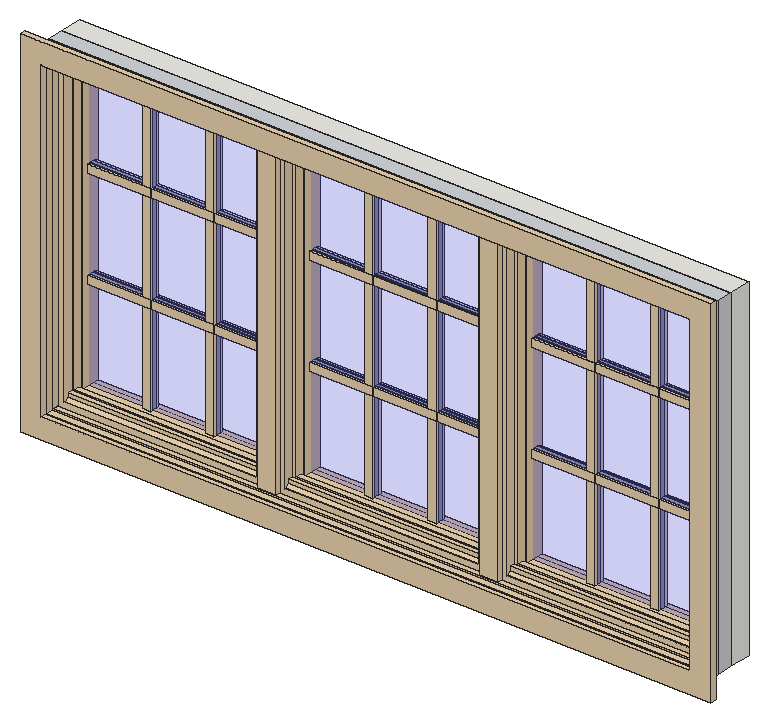
Revit family "1 Window-Casement-Andersen-400_Series_Triple", category Windows, host Wall, Revit 2014 (continued)
Lines and regions (in)
  symbolic lines, style "WindowsFrameMullionProjection", not visible
    curve 258: line (0, -0.4375, 80.345) -> (0, -1.4375, 80.345)
  symbolic lines, style "WindowsGlassProjection", not visible
    curve 202: line (0, 1.2845, 48.5) -> (0, 1.2845, 48.011)
    curve 212: line (0, 1.9105, 48.4938) -> (0, 1.9105, 48.011)
    curve 237: line (0, 1.2845, 79.875) -> (0, 1.2845, 80.364)
    curve 247: line (0, 1.9105, 79.8812) -> (0, 1.9105, 80.364)
  symbolic lines, style "WindowsFrameMullionProjection", not visible, detail levels medium
    curve 379: line (-32.57902, 15.063, 46.81311) -> (-31.87502, 15.063, 46.81311)
    curve 380: line (-31.87502, 15.063, 46.81311) -> (-31.87502, 12.751, 46.81311)
    curve 381: line (-31.87502, 12.751, 46.81311) -> (-30.36102, 12.751, 46.81311)
    curve 382: line (-30.36102, 12.751, 46.81311) -> (-30.36102, 10.751, 46.81311)
    curve 383: line (-30.36102, 10.751, 46.81311) -> (-31.25202, 10.751, 46.81311)
    curve 384: line (-31.25202, 10.751, 46.81311) -> (-31.25202, 10.233, 46.81311)
    curve 385: line (-31.25202, 10.233, 46.81311) -> (-33.20202, 10.233, 46.81311)
    curve 386: line (-33.20202, 10.233, 46.81311) -> (-33.20202, 10.751, 46.81311)
    curve 387: line (-33.20202, 10.751, 46.81311) -> (-34.09302, 10.751, 46.81311)
    curve 388: line (-34.09302, 10.751, 46.81311) -> (-34.09302, 12.751, 46.81311)
    curve 389: line (-34.09302, 12.751, 46.81311) -> (-32.57902, 12.751, 46.81311)
    curve 390: line (-32.57902, 12.751, 46.81311) -> (-32.57902, 15.063, 46.81311)
Text (in)
  text "EXTERIOR" at (-58.6888, 50.90694, 0), in view "Ref. Level"
  text "INTERIOR" at (-58.6888, -37.76638, 0), in view "Ref. Level"
  text "Exterior" at (0, 43.65631, 123.19604), in view "Left"
  text "Exterior" at (0, 18.29385, 125.04747), in view "Right"
Dimensions and locks (in)
  equal spacing: plane 4 "R Frame", plane 3 "Center (Left/Right)", plane 5 "L Frame"
  "Width": plane 4 "R Frame" to plane 5 "L Frame"
  "Height": plane 6 "B Frame" to plane 7 "T Frame"
  locked: plane 46 "Frame S1" to plane 47 "Flange" at 1.312
  locked: plane 47 "Flange" to plane 48 "Sash1 S2" at 1
  locked: plane 47 "Flange" to plane 49 "Frame S2" at 2.848
  "casingS2": plane 45 "Casing S2" to plane 46 "Frame S1"
  "casingS1": plane 44 "Casing S1" to plane 46 "Frame S1"
  "Xjamb 2": plane 32 "T Xjamb 2" to plane 7 "T Frame"
  "casing1": plane 31 "T Casing 1" to plane 7 "T Frame"
  "Xjamb 1": plane 30 "T Xjamb 1" to plane 7 "T Frame"
  plane 29 "T Ext Frame" to plane 7 "T Frame" = 0' - 0.56311"
  "Rough Opening Offset": plane 7 "T Frame" to plane 33 "T Rough Opening"
  "casing4": plane 7 "T Frame" to plane 36 "T Casing 4"
  "Xjamb 2": plane 6 "B Frame" to plane 39 "B Xjamb 2"
  locked: plane 6 "B Frame" to plane 40 "B Casing 1" at 0.25
  locked: plane 6 "B Frame" to plane 50 "B Xjamb 1" at 0.985
  locked: plane 6 "B Frame" to plane 38 "B Ext Frame" at 0.56311
  "sill nose 2": plane 41 "B Casing 2" to plane 6 "B Frame"
  "casing4": plane 5 "L Frame" to plane 17 "L Casing 4"
  "casing4": plane 27 "R Casing 4" to plane 4 "R Frame"
  "casing3": plane 35 "T Casing 3" to plane 36 "T Casing 4"
  "casing2": plane 34 "T Casing 2" to plane 36 "T Casing 4"
  "casing3": plane 27 "R Casing 4" to plane 26 "R Casing 3"
  "casing2": plane 27 "R Casing 4" to plane 25 "R Casing 2"
  "casing1": plane 4 "R Frame" to plane 22 "R Casing 1"
  "casing1": plane 12 "L Casing 1" to plane 5 "L Frame"
  "casing3": plane 16 "L Casing 3" to plane 17 "L Casing 4"
  "casing2": plane 15 "L Casing 2" to plane 17 "L Casing 4"
  locked: plane 51 "Exterior Offset" to host wall at 1
  "Void Offset 1": plane 7 "T Frame" to Extrusion 2 sketch curve
  "Void Offset 1": Extrusion 2 sketch curve to plane 4 "R Frame"
  "Void Offset 1": plane 5 "L Frame" to Extrusion 2 sketch curve
  "Void Offset 2": Extrusion 2 sketch curve to plane 6 "B Frame"
  "Interior Casing Size": plane 28 "R Int Casing" to plane 21 "R Xjamb 1"
  "Interior Casing Size": plane 11 "L Xjamb 1" to plane 43 "L Int Casing"
  "Interior Casing Size": plane 30 "T Xjamb 1" to plane 37 "T Int Casing"
  "Interior Casing Size": plane 42 "B Int Casing" to plane 50 "B Xjamb 1"
  "Xjamb 1": plane 4 "R Frame" to plane 21 "R Xjamb 1"
  locked: plane 4 "R Frame" to plane 20 "R Stop" at 2
  locked: plane 4 "R Frame" to plane 19 "R Ext Frame" at 0.486
  "JGO": plane 4 "R Frame" to plane 18 "R Glazing"
  locked: plane 10 "L Stop" to plane 5 "L Frame" at 2
  locked: plane 9 "L Ext Frame" to plane 5 "L Frame" at 0.486
  "JGO": plane 8 "L Glazing" to plane 5 "L Frame"
  "Xjamb 1": plane 11 "L Xjamb 1" to plane 5 "L Frame"
  "Wall Thickness": host wall to host wall
  locked: plane 1 "Center (Front/Back)" to curve 12 at 1
  "sill nose1": Masking region 5 sketch curve to plane 47 "Flange"
  locked: level to plane 7 "T Frame" at 82.25
  "Rough Opening Offset": plane 53 "B Rough Opening" to plane 6 "B Frame"
  "Masonry Opening Offset": plane 54 "R Masonry Opening" to plane 27 "R Casing 4"
  "Masonry Opening Offset": plane 17 "L Casing 4" to plane 55 "L Masonry Opening"
  "Masonry Opening Offset": plane 36 "T Casing 4" to plane 56 "T Masonry Opening"
  "Masonry Opening Offset": plane 57 "B Masonry Opening" to plane 41 "B Casing 2"
  "sill nose1": Extrusion 5 sketch curve to plane 47 "Flange"
  "Void Depth": plane 51 "Exterior Offset" to Extrusion 2
  "Wall Depth": host wall to plane 47 "Flange"
  "Void Depth": plane 51 "Exterior Offset" to Masking region 7 sketch curve  (x2)
  locked: plane 52 "Interior Casing" to host wall at 0.625
  locked: Extrusion 2 to host wall at 12
  "Rough Opening Offset": plane 24 "R Rough Opening" to plane 4 "R Frame"
  "Rough Opening Offset": plane 5 "L Frame" to plane 14 "L Rough Opening"
  "Xjamb 2": plane 13 "L Xjamb 2" to plane 5 "L Frame"
  "Xjamb 2": plane 4 "R Frame" to plane 23 "R Xjamb 2"
  locked: plane 4 "R Frame" to plane 59 "R Sash" at 0.58
  locked: plane 60 "L Sash" to plane 5 "L Frame" at 0.58
  locked: plane 47 "Flange" to plane 61 "Stop S1" at 3
  locked: plane 62 "T Sash" to plane 7 "T Frame" at 0.75
  locked: plane 63 "T Int Frame" to plane 7 "T Frame" at 1.11
  locked: plane 6 "B Frame" to plane 64 "B Int Frame" at 0.985
  locked: plane 65 "L Int Frame" to plane 5 "L Frame" at 1.109
  locked: plane 4 "R Frame" to plane 66 "R Int Frame" at 1.109
  locked: Extrusion 11 sketch curve to plane 20 "R Stop" at 0.188
  locked: Extrusion 11 sketch curve to plane 61 "Stop S1" at 1  (x2)
  locked: plane 10 "L Stop" to Extrusion 11 sketch curve at 0.188
  host wall to Extrusion 11 = 0' - 1 7/16"
  locked: plane 4 "R Frame" to Sweep 12 sketch curve at 1.09375
  "Step Jamb2": plane 49 "Frame S2" to Sweep 12 sketch curve
  "xjamb S1": host wall to plane 58 "Xjamb S1"
  "Head Stop Dim": plane 67 "T Stop" to plane 7 "T Frame"
  "Sill Stop Dim": plane 6 "B Frame" to plane 68 "B Stop"
  locked: cut or joined group of Extrusion 10, Extrusion 11, Sweep 12, Extrusion 13, Extrusion 15, Extrusion 17 to Extrusion 10 sketch curve at 1.515
  locked: plane 48 "Sash1 S2" to Extrusion 10 sketch curve at 0.267
  locked: plane 48 "Sash1 S2" to Extrusion 10 sketch curve at 1
  locked: Extrusion 10 sketch curve to Extrusion 10 sketch curve at 0.077
  locked: Extrusion 10 sketch curve to Extrusion 10 sketch curve at 0.56794
  locked: Extrusion 10 sketch curve to Extrusion 10 sketch curve at 0.41084
  locked: Extrusion 10 sketch curve to Extrusion 10 sketch curve at 0.28306
  locked: Extrusion 10 sketch curve to Extrusion 10 sketch curve at 0.751
  locked: plane 48 "Sash1 S2" to Extrusion 10 sketch curve at 2
  locked: Extrusion 13 sketch curve to plane 63 "T Int Frame" at 0.795
  locked: Extrusion 13 sketch curve to plane 63 "T Int Frame" at 1.15563
  locked: plane 48 "Sash1 S2" to Extrusion 13 sketch curve at 1
  locked: Masking region 5 sketch curve to plane 6 "B Frame" at 0.1875
  locked: Extrusion 5 sketch curve to plane 6 "B Frame" at 0.1875
  "Step Jamb2": plane 49 "Frame S2" to Masking region 11 sketch curve
  equal spacing: group 9, group 10, group 8
  equal spacing: group 8, group 10, group 9  (x2)
  locked: Extrusion 14 sketch curve to Extrusion 14 sketch curve at 0.704
  locked: Extrusion 14 sketch curve to Extrusion 14 sketch curve at 2.312
  locked: Extrusion 15 sketch curve to Extrusion 15 sketch curve at 1  (x4)
  locked: Extrusion 15 sketch curve to Extrusion 15 sketch curve at 0.518
  locked: Extrusion 15 sketch curve to Extrusion 15 sketch curve at 0.36  (x2)
  locked: Extrusion 15 sketch curve to Extrusion 15 sketch curve at 0.531  (x2)
  locked: Extrusion 15 sketch curve to Extrusion 15 sketch curve at 1.95
  Extrusion 15 sketch curve to Extrusion 15 sketch curve = 0' - 0.518"
  locked: Extrusion 16 sketch curve to Extrusion 16 sketch curve at 0.704
  locked: Extrusion 16 sketch curve to Extrusion 16 sketch curve at 2.312
  locked: Extrusion 17 sketch curve to Extrusion 17 sketch curve at 1  (x4)
  locked: Extrusion 17 sketch curve to Extrusion 17 sketch curve at 0.518
  locked: Extrusion 17 sketch curve to Extrusion 17 sketch curve at 0.36  (x2)
  locked: Extrusion 17 sketch curve to Extrusion 17 sketch curve at 0.531  (x2)
  locked: Extrusion 17 sketch curve to Extrusion 17 sketch curve at 1.95
  Extrusion 17 sketch curve to Extrusion 17 sketch curve = 0' - 0.518"
  plane 19 "R Ext Frame" to nested 2 to nested 3 to nested 3 to nested 1 to plane 9 "L Ext Frame" = 1' - 11.20833", 0' - 0.7015" locked, 1' - 11.20833", 0' - 0.7015" locked, 1' - 11.20833"
  "XPanelWidth": plane 70 to plane 9 "L Ext Frame"
  "XPanelWidth": plane 19 "R Ext Frame" to plane 69
  locked: plane 70 to cut or joined group of Extrusion 10, Extrusion 11, Sweep 12, Extrusion 13, Extrusion 15, Extrusion 17 at 0.623
  equal spacing: plane 38 "B Ext Frame", curve 90, plane 29 "T Ext Frame"
  equal spacing: plane 38 "B Ext Frame", curve 378, plane 29 "T Ext Frame"
  locked: plane 40 "B Casing 1" to Masking region 5 sketch curve (angle 10.00°)
  locked: plane 40 "B Casing 1" to Masking region 6 sketch curve (angle 10.00°)
  locked: plane 40 "B Casing 1" to Extrusion 5 sketch curve (angle 10.00°)
  aligned and locked: level to plane 2
  aligned and locked: plane 7 "T Frame" to Extrusion 1 sketch curve
  aligned and locked: plane 5 "L Frame" to Extrusion 1 sketch curve
  aligned and locked: Extrusion 1 sketch curve to plane 4 "R Frame"
  aligned and locked: Extrusion 1 sketch curve to plane 6 "B Frame"
  aligned and locked: host wall to Extrusion 1
  aligned and locked: plane 47 "Flange" to Extrusion 1
  aligned and locked: Masking region 1 sketch curve to plane 46 "Frame S1"
  aligned and locked: Masking region 1 sketch curve to plane 4 "R Frame"
  aligned and locked: plane 5 "L Frame" to Masking region 1 sketch curve
  aligned and locked: plane 47 "Flange" to Masking region 2 sketch curve  (x2)
  aligned and locked: plane 4 "R Frame" to Masking region 2 sketch curve
  aligned and locked: plane 46 "Frame S1" to Masking region 2 sketch curve
  aligned and locked: Masking region 2 sketch curve to plane 5 "L Frame"
  aligned and locked: plane 17 "L Casing 4" to Masking region 2 sketch curve
  aligned and locked: Masking region 2 sketch curve to plane 44 "Casing S1"
  aligned and locked: plane 12 "L Casing 1" to curve 3
  aligned and locked: Masking region 2 sketch curve to plane 27 "R Casing 4"
  aligned and locked: Masking region 3 sketch curve to plane 4 "R Frame"
  aligned and locked: plane 5 "L Frame" to Masking region 3 sketch curve
  aligned and locked: Masking region 3 sketch curve to plane 51 "Exterior Offset"
  aligned and locked: plane 7 "T Frame" to Masking region 4 sketch curve
  aligned and locked: Masking region 4 sketch curve to plane 6 "B Frame"
  aligned and locked: Masking region 4 sketch curve to plane 46 "Frame S1"
  aligned and locked: plane 46 "Frame S1" to Masking region 5 sketch curve
  aligned and locked: Masking region 5 sketch curve to plane 46 "Frame S1"
  aligned and locked: Masking region 5 sketch curve to plane 47 "Flange"
  aligned and locked: Masking region 5 sketch curve to plane 6 "B Frame"
  aligned and locked: plane 41 "B Casing 2" to Masking region 5 sketch curve
  aligned and locked: Masking region 6 sketch curve to plane 46 "Frame S1"
  aligned and locked: plane 44 "Casing S1" to Masking region 6 sketch curve
  aligned and locked: Masking region 6 sketch curve to plane 36 "T Casing 4"
  aligned and locked: Masking region 6 sketch curve to plane 47 "Flange"
  aligned and locked: plane 7 "T Frame" to Masking region 6 sketch curve
  aligned and locked: plane 45 "Casing S2" to curve 13
  aligned and locked: plane 31 "T Casing 1" to curve 15
  aligned and locked: plane 46 "Frame S1" to curve 15
  aligned and locked: plane 5 "L Frame" to curve 17
  aligned and locked: Masking region 3 sketch curve to host wall
  aligned and locked: plane 30 "T Xjamb 1" to Extrusion 3 sketch curve
  aligned and locked: plane 32 "T Xjamb 2" to Extrusion 3 sketch curve
  aligned and locked: Extrusion 3 sketch curve to plane 21 "R Xjamb 1"
  aligned and locked: Extrusion 3 sketch curve to plane 23 "R Xjamb 2"
  aligned and locked: plane 11 "L Xjamb 1" to Extrusion 3 sketch curve
  aligned and locked: plane 13 "L Xjamb 2" to Extrusion 3 sketch curve
  aligned and locked: Extrusion 3 sketch curve to plane 50 "B Xjamb 1"
  aligned and locked: Extrusion 3 sketch curve to plane 39 "B Xjamb 2"
  aligned and locked: plane 30 "T Xjamb 1" to Extrusion 4 sketch curve
  aligned and locked: plane 37 "T Int Casing" to Extrusion 4 sketch curve
  aligned and locked: Extrusion 4 sketch curve to plane 21 "R Xjamb 1"
  aligned and locked: Extrusion 4 sketch curve to plane 28 "R Int Casing"
  aligned and locked: plane 11 "L Xjamb 1" to Extrusion 4 sketch curve
  aligned and locked: plane 43 "L Int Casing" to Extrusion 4 sketch curve
  aligned and locked: Extrusion 4 sketch curve to plane 50 "B Xjamb 1"
  aligned and locked: Extrusion 4 sketch curve to plane 42 "B Int Casing"
  aligned and locked: Extrusion 4 to host wall
  aligned and locked: Extrusion 4 to plane 52 "Interior Casing"
  aligned and locked: plane 41 "B Casing 2" to Extrusion 5 sketch curve
  aligned and locked: plane 41 "B Casing 2" to Sweep 6 sketch curve  (x2)
  aligned and locked: plane 17 "L Casing 4" to Sweep 6 sketch curve  (x2)
  aligned and locked: Sweep 6 sketch curve to plane 27 "R Casing 4"
  aligned and locked: plane 36 "T Casing 4" to Sweep 6 sketch curve
  aligned and locked: plane 16 "L Casing 3" to Sweep 6 sketch curve
  aligned and locked: plane 45 "Casing S2" to Sweep 6 sketch curve
  aligned and locked: Sweep 6 sketch curve to plane 44 "Casing S1"
  aligned and locked: plane 47 "Flange" to Sweep 6 sketch curve
  aligned and locked: Sweep 6 sketch curve to plane 12 "L Casing 1"
  aligned and locked: Sweep 6 sketch curve to plane 45 "Casing S2"
  aligned and locked: plane 15 "L Casing 2" to Sweep 6 sketch curve
  aligned and locked: Extrusion 5 to plane 17 "L Casing 4"
  aligned and locked: plane 27 "R Casing 4" to Extrusion 5
  aligned and locked: plane 31 "T Casing 1" to Extrusion 7 sketch curve
  aligned and locked: plane 36 "T Casing 4" to Extrusion 7 sketch curve
  aligned and locked: plane 12 "L Casing 1" to Extrusion 7 sketch curve
  aligned and locked: plane 17 "L Casing 4" to Extrusion 7 sketch curve
  aligned and locked: Extrusion 7 sketch curve to plane 22 "R Casing 1"
  aligned and locked: Extrusion 7 sketch curve to plane 27 "R Casing 4"
  aligned and locked: Extrusion 7 sketch curve to plane 41 "B Casing 2"
  aligned and locked: plane 44 "Casing S1" to Extrusion 7
  aligned and locked: plane 47 "Flange" to Extrusion 7
  aligned and locked: Extrusion 5 sketch curve to plane 47 "Flange"
  aligned and locked: host wall to Masking region 7 sketch curve
  aligned and locked: plane 4 "R Frame" to Masking region 7 sketch curve
  aligned and locked: Masking region 7 sketch curve to plane 5 "L Frame"
  aligned and locked: plane 51 "Exterior Offset" to Masking region 7 sketch curve
  aligned and locked: plane 27 "R Casing 4" to Masking region 7 sketch curve
  aligned and locked: Masking region 7 sketch curve to plane 17 "L Casing 4"
  aligned and locked: plane 7 "T Frame" to Extrusion 8 sketch curve
  aligned and locked: Extrusion 8 sketch curve to plane 4 "R Frame"
  aligned and locked: Extrusion 8 sketch curve to plane 6 "B Frame"
  aligned and locked: plane 5 "L Frame" to Extrusion 8 sketch curve
  aligned and locked: plane 29 "T Ext Frame" to Extrusion 8 sketch curve
  aligned and locked: Extrusion 8 sketch curve to plane 19 "R Ext Frame"
  aligned and locked: plane 9 "L Ext Frame" to Extrusion 8 sketch curve
  aligned and locked: Extrusion 8 sketch curve to plane 38 "B Ext Frame"
  aligned and locked: plane 46 "Frame S1" to Extrusion 8
  aligned and locked: plane 49 "Frame S2" to Masking region 1 sketch curve
  aligned and locked: Masking region 1 sketch curve to plane 49 "Frame S2"
  aligned and locked: plane 61 "Stop S1" to Masking region 4 sketch curve
  aligned and locked: plane 49 "Frame S2" to Masking region 4 sketch curve
  aligned and locked: Masking region 4 sketch curve to plane 49 "Frame S2"
  aligned and locked: Extrusion 8 to plane 48 "Sash1 S2"
  aligned and locked: plane 63 "T Int Frame" to Extrusion 9 sketch curve
  aligned and locked: plane 65 "L Int Frame" to Extrusion 9 sketch curve
  aligned and locked: Extrusion 9 sketch curve to plane 66 "R Int Frame"
  aligned and locked: Extrusion 9 sketch curve to plane 64 "B Int Frame"
  aligned and locked: Extrusion 9 sketch curve to plane 6 "B Frame"
  aligned and locked: Extrusion 9 sketch curve to plane 4 "R Frame"
  aligned and locked: plane 7 "T Frame" to Extrusion 9 sketch curve
  aligned and locked: plane 5 "L Frame" to Extrusion 9 sketch curve
  aligned and locked: plane 48 "Sash1 S2" to Extrusion 9
  aligned and locked: Extrusion 9 to plane 49 "Frame S2"
  aligned and locked: plane 66 "R Int Frame" to Extrusion 10
  aligned and locked: Extrusion 10 to plane 65 "L Int Frame"
  aligned and locked: Extrusion 11 sketch curve to plane 48 "Sash1 S2"
  aligned and locked: Extrusion 11 sketch curve to plane 66 "R Int Frame"
  aligned and locked: plane 61 "Stop S1" to Extrusion 11 sketch curve
  aligned and locked: plane 20 "R Stop" to Extrusion 11 sketch curve
  aligned and locked: plane 10 "L Stop" to Extrusion 11 sketch curve
  aligned and locked: plane 48 "Sash1 S2" to Extrusion 11 sketch curve
  aligned and locked: Extrusion 11 sketch curve to plane 65 "L Int Frame"
  aligned and locked: Extrusion 11 sketch curve to plane 61 "Stop S1"
  aligned and locked: plane 64 "B Int Frame" to Extrusion 11
  aligned and locked: Extrusion 11 to plane 63 "T Int Frame"
  aligned and locked: Masking region 1 sketch curve to plane 66 "R Int Frame"
  aligned and locked: Masking region 1 sketch curve to plane 65 "L Int Frame"
  aligned and locked: plane 7 "T Frame" to Sweep 12 sketch curve
  aligned and locked: plane 5 "L Frame" to Sweep 12 sketch curve
  aligned and locked: Sweep 12 sketch curve to plane 6 "B Frame"
  aligned and locked: Sweep 12 sketch curve to plane 4 "R Frame"
  aligned and locked: Sweep 12 sketch curve to plane 49 "Frame S2"
  aligned and locked: plane 58 "Xjamb S1" to Extrusion 3
  aligned and locked: host wall to Extrusion 3
  aligned and locked: Masking region 4 sketch curve to plane 63 "T Int Frame"
  aligned and locked: Masking region 4 sketch curve to plane 64 "B Int Frame"
  aligned and locked: plane 48 "Sash1 S2" to Extrusion 10 sketch curve
  aligned and locked: plane 64 "B Int Frame" to Extrusion 10 sketch curve
  aligned and locked: plane 4 "R Frame" to curve 98
  aligned and locked: plane 5 "L Frame" to curve 98
  aligned and locked: Masking region 8 sketch curve to plane 58 "Xjamb S1"  (x2)
  aligned and locked: Masking region 8 sketch curve to Sweep 12  (x3)
  aligned and locked: Masking region 8 sketch curve to plane 63 "T Int Frame"
  aligned and locked: Masking region 8 sketch curve to plane 61 "Stop S1"
  aligned and locked: plane 64 "B Int Frame" to Masking region 8 sketch curve
  aligned and locked: Masking region 9 sketch curve to plane 32 "T Xjamb 2"
  aligned and locked: plane 58 "Xjamb S1" to Masking region 9 sketch curve  (x2)
  aligned and locked: plane 63 "T Int Frame" to Masking region 9 sketch curve
  aligned and locked: plane 61 "Stop S1" to Masking region 9 sketch curve
  aligned and locked: Masking region 9 sketch curve to plane 64 "B Int Frame"
  aligned and locked: plane 39 "B Xjamb 2" to Masking region 9 sketch curve
  aligned and locked: host wall to Masking region 9 sketch curve
  aligned and locked: host wall to Masking region 10 sketch curve
  aligned and locked: Masking region 10 sketch curve to plane 42 "B Int Casing"
  aligned and locked: plane 52 "Interior Casing" to Masking region 10 sketch curve
  aligned and locked: plane 37 "T Int Casing" to Masking region 10 sketch curve
  aligned and locked: plane 58 "Xjamb S1" to curve 102
  aligned and locked: Sweep 12 to curve 102
  aligned and locked: plane 64 "B Int Frame" to curve 102
  aligned and locked: plane 58 "Xjamb S1" to curve 103
  aligned and locked: host wall to curve 103
  aligned and locked: plane 50 "B Xjamb 1" to curve 103
  aligned and locked: plane 52 "Interior Casing" to curve 104
  aligned and locked: plane 50 "B Xjamb 1" to curve 104
  aligned and locked: plane 58 "Xjamb S1" to curve 99
  aligned and locked: Sweep 12 to curve 99
  aligned and locked: plane 63 "T Int Frame" to curve 99
  aligned and locked: plane 58 "Xjamb S1" to curve 100
  aligned and locked: host wall to curve 100
  aligned and locked: plane 30 "T Xjamb 1" to curve 100
  aligned and locked: plane 52 "Interior Casing" to curve 101
  aligned and locked: plane 30 "T Xjamb 1" to curve 101
  aligned and locked: Masking region 11 sketch curve to plane 58 "Xjamb S1"  (x2)
  aligned and locked: plane 66 "R Int Frame" to Masking region 11 sketch curve
  aligned and locked: Masking region 11 sketch curve to plane 61 "Stop S1"
  aligned and locked: Masking region 11 sketch curve to plane 65 "L Int Frame"
  aligned and locked: Masking region 11 sketch curve to Sweep 12  (x2)
  aligned and locked: Masking region 12 sketch curve to plane 58 "Xjamb S1"  (x2)
  aligned and locked: plane 66 "R Int Frame" to Masking region 12 sketch curve
  aligned and locked: Masking region 12 sketch curve to plane 61 "Stop S1"
  aligned and locked: Masking region 12 sketch curve to plane 65 "L Int Frame"
  aligned and locked: plane 13 "L Xjamb 2" to Masking region 12 sketch curve
  aligned and locked: Masking region 12 sketch curve to host wall
  aligned and locked: Masking region 12 sketch curve to plane 23 "R Xjamb 2"
  aligned and locked: host wall to Masking region 13 sketch curve
  aligned and locked: plane 43 "L Int Casing" to Masking region 13 sketch curve
  aligned and locked: plane 52 "Interior Casing" to Masking region 13 sketch curve
  aligned and locked: Masking region 13 sketch curve to plane 28 "R Int Casing"
  aligned and locked: plane 65 "L Int Frame" to curve 108
  aligned and locked: plane 11 "L Xjamb 1" to curve 109
  aligned and locked: plane 11 "L Xjamb 1" to curve 110
  aligned and locked: plane 66 "R Int Frame" to curve 105
  aligned and locked: plane 21 "R Xjamb 1" to curve 106
  aligned and locked: plane 21 "R Xjamb 1" to curve 107
  aligned and locked: plane 61 "Stop S1" to Masking region 1 sketch curve
  aligned and locked: Extrusion 13 sketch curve to plane 63 "T Int Frame"
  aligned and locked: plane 48 "Sash1 S2" to Extrusion 13 sketch curve
  aligned and locked: Extrusion 13 sketch curve to plane 61 "Stop S1"
  aligned and locked: Extrusion 13 to plane 65 "L Int Frame"
  aligned and locked: plane 66 "R Int Frame" to Extrusion 13
  aligned and locked: plane 4 "R Frame" to curve 18
  aligned and locked: plane 47 "Flange" to curve 18
  aligned and locked: plane 5 "L Frame" to curve 50
  aligned and locked: curve 50 to plane 47 "Flange"
  aligned and locked: plane 6 "B Frame" to curve 89
  aligned and locked: plane 47 "Flange" to curve 89
  aligned and locked: plane 7 "T Frame" to curve 88
  aligned and locked: plane 47 "Flange" to curve 88
  aligned and locked: plane 25 "R Casing 2" to curve 5
  aligned and locked: plane 26 "R Casing 3" to curve 4
  aligned and locked: plane 15 "L Casing 2" to curve 2
  aligned and locked: plane 16 "L Casing 3" to curve 1
  aligned and locked: plane 34 "T Casing 2" to curve 14
  aligned and locked: plane 35 "T Casing 3" to curve 13
  aligned and locked: plane 44 "Casing S1" to curve 13
  aligned and locked: Extrusion 5 sketch curve to plane 6 "B Frame"
  aligned and locked: Masking region 6 sketch curve to cut or joined group of Extrusion 5, Sweep 6
  aligned and locked: Extrusion 7 sketch curve to plane 6 "B Frame"
  aligned and locked: plane 17 "L Casing 4" to curve 188
  aligned and locked: plane 5 "L Frame" to curve 189
  aligned and locked: plane 27 "R Casing 4" to curve 186
  aligned and locked: plane 4 "R Frame" to curve 187
  aligned and locked: plane 47 "Flange" to curve 190
  aligned and locked: plane 36 "T Casing 4" to curve 190
  aligned and locked: plane 46 "Frame S1" to curve 191
  aligned and locked: plane 49 "Frame S2" to curve 191
  aligned and locked: plane 7 "T Frame" to curve 191
  aligned and locked: plane 44 "Casing S1" to curve 192
  aligned and locked: plane 47 "Flange" to curve 192
  aligned and locked: plane 41 "B Casing 2" to curve 192
  aligned and locked: plane 46 "Frame S1" to curve 193
  aligned and locked: plane 49 "Frame S2" to curve 193
  aligned and locked: plane 6 "B Frame" to curve 193
  aligned and locked: plane 19 "R Ext Frame" to curve 7
  aligned and locked: plane 19 "R Ext Frame" to curve 68
  aligned and locked: plane 9 "L Ext Frame" to curve 8
  aligned and locked: plane 9 "L Ext Frame" to curve 66
  aligned and locked: plane 38 "B Ext Frame" to nested 1
  aligned and locked: plane 9 "L Ext Frame" to nested 1
  aligned and locked: nested 1 to plane 48 "Sash1 S2"
  aligned and locked: plane 19 "R Ext Frame" to nested 2
  aligned and locked: Extrusion 14 to plane 29 "T Ext Frame"
  aligned and locked: Extrusion 15 to plane 63 "T Int Frame"
  aligned and locked: plane 64 "B Int Frame" to Extrusion 15
  aligned and locked: Extrusion 17 to Extrusion 16
  aligned and locked: Extrusion 16 to plane 29 "T Ext Frame"
  aligned and locked: Extrusion 17 to plane 63 "T Int Frame"
  aligned and locked: plane 64 "B Int Frame" to Extrusion 17
  aligned and locked: cut or joined group of Extrusion 8, Extrusion 14, Extrusion 16 to cut or joined group of Extrusion 10, Extrusion 11, Sweep 12, Extrusion 13, Extrusion 15, Extrusion 17
  aligned and locked: plane 46 "Frame S1" to Extrusion 16
  aligned and locked: plane 46 "Frame S1" to cut or joined group of Extrusion 8, Extrusion 14, Extrusion 16
  aligned and locked: plane 46 "Frame S1" to curve 374
  aligned and locked: plane 70 to curve 343
  aligned and locked: plane 70 to Extrusion 16
  aligned and locked: plane 69 to cut or joined group of Extrusion 8, Extrusion 14, Extrusion 16
  aligned and locked: plane 38 "B Ext Frame" to nested 2
  aligned and locked: plane 38 "B Ext Frame" to Extrusion 16
  aligned and locked: plane 38 "B Ext Frame" to cut or joined group of Extrusion 8, Extrusion 14, Extrusion 16
  aligned and locked: nested 2 to plane 48 "Sash1 S2"
  aligned and locked: nested 2 to cut or joined group of Extrusion 8, Extrusion 14, Extrusion 16
  aligned and locked: curve 473 to nested 2
  aligned and locked: curve 462 to plane 46 "Frame S1"
  aligned and locked: plane 61 "Stop S1" to curve 470
  aligned and locked: plane 61 "Stop S1" to curve 466
Automatic sketch dimensions
  curve 16 to curve 16 = 0' - 0 3/16"
  curve 147 to curve 149 = 0' - 0.655"
  curve 149 to curve 70 = 0' - 1.549"
  curve 71 to curve 143 = 0' - 0.107"
  curve 143 to curve 77 = 0' - 0.066"
  curve 77 to curve 86 = 0' - 0.626"
  curve 74 to curve 142 = 0' - 0.844"
  curve 87 to curve 76 = 0' - 0.371"
  curve 80 to curve 79 = 0' - 0.313"
  curve 79 to curve 78 = 0' - 0.187"
  curve 78 to curve 146 = 0' - 0.07303"
  curve 150 to curve 147 = 0' - 0.345"
  curve 72 to curve 72 = 0' - 0.345"
  curve 144 to curve 71 = 0' - 0.549"
  curve 76 to curve 83 = 0' - 0.096"
  curve 70 to curve 88 = 0' - 0.451"
  curve 84 to curve 86 = 0' - 0.096"
  curve 145 to curve 145 = 0' - 0.23897"
  curve 77 to curve 87 = 0' - 0.0062"
  curve 77 to curve 149 = 0' - 0.109"
  curve 86 to curve 85 = 0' - 0.25024"
  curve 73 to curve 149 = 0' - 0.361"
  curve 85 to curve 85 = 0' - 0.23255"
  curve 76 to curve 141 = 0' - 0.053"
  curve 76 to curve 143 = 0' - 0.4378"
  curve 150 to curve 147 = 0' - 0.545"
  curve 71 to curve 74 = 0' - 0.174"
  curve 147 to curve 72 = 0' - 0 1/4"
  curve 74 to curve 80 = 0' - 0.281"
  curve 80 to curve 79 = 0' - 0.156"
  curve 74 to curve 70 = 0' - 0.533"
  curve 70 to curve 146 = 0' - 0.08989"
  curve 82 to curve 86 = 0' - 0.0062"
  curve 77 to curve 83 = 0' - 0"
  curve 82 to curve 84 = 0' - 0.13544"
  curve 73 to curve 81 = 0' - 0.081"
  curve 144 to curve 75 = 0' - 0.217"
  curve 70 to curve 88 = 0' - 0.653"
  curve 88 to curve 88 = 0' - 1 5/8"
  curve 177 to curve 153 = 0' - 0.196"
  curve 177 to curve 179 = 0' - 0.28306"
  curve 154 to curve 185 = 0' - 0.27094"
  curve 154 to curve 180 = 0' - 0.56794"
  curve 180 to curve 181 = 0' - 0.733"
  curve 181 to curve 182 = 0' - 0.267"
  curve 156 to curve 175 = 0' - 0.549"
  curve 152 to curve 171 = 0' - 0.107"
  curve 171 to curve 158 = 0' - 0.066"
  curve 158 to curve 168 = 0' - 0.626"
  curve 155 to curve 161 = 0' - 0.844"
  curve 168 to curve 166 = 0' - 0.371"
  curve 161 to curve 160 = 0' - 0.313"
  curve 160 to curve 160 = 0' - 0.187"
  curve 159 to curve 174 = 0' - 0.07303"
  curve 178 to curve 177 = 0' - 0.149"
  curve 153 to curve 153 = 0' - 0.345"
  curve 185 to curve 179 = 0' - 0.047"
  curve 158 to curve 165 = 0' - 0.096"
  curve 151 to curve 89 = 0' - 0.451"
  curve 163 to curve 168 = 0' - 0.096"
  curve 173 to curve 173 = 0' - 0.23897"
  curve 173 to curve 151 = 0' - 0.08989"
  curve 151 to curve 160 = 0' - 0.096"
  curve 160 to curve 170 = 0' - 0.156"
  curve 151 to curve 153 = 0' - 0.457"
  curve 161 to curve 155 = 0' - 0.281"
  curve 155 to curve 175 = 0' - 0.174"
  curve 152 to curve 172 = 0' - 0.0882"
  curve 152 to curve 156 = 0' - 0.217"
  curve 175 to curve 177 = 0' - 0.437"
  curve 155 to curve 169 = 0' - 0.647"
  curve 171 to curve 157 = 0' - 0.4378"
  curve 177 to curve 185 = 0' - 0.267"
  curve 157 to curve 167 = 0' - 0.23255"
  curve 184 to curve 154 = 0' - 0.07316"
  curve 156 to curve 156 = 0' - 0.768"
  curve 166 to curve 167 = 0' - 0.25024"
  curve 157 to curve 162 = 0' - 0.489"
  curve 184 to curve 180 = 0' - 0.484"
  curve 156 to curve 181 = 0' - 0.28"
  curve 89 to curve 151 = 0' - 2.153"
  curve 89 to curve 151 = 0' - 0.528"
  curve 165 to curve 158 = 0' - 0.13544"
  curve 162 to curve 156 = 0' - 0.095"
  curve 183 to curve 179 = 0' - 0.296"
  curve 167 to curve 163 = 0' - 0.0062"
  curve 158 to curve 164 = 0' - 0"
  curve 111 to curve 111 = 0' - 0.05924"
  curve 111 to curve 24 = 0' - 0.094"
  curve 111 to curve 23 = 0' - 0.1128"
  curve 23 to curve 21 = 0' - 0.02383"
  curve 21 to curve 21 = 0' - 0.12559"
  curve 23 to curve 115 = 0' - 0.30812"
  curve 21 to curve 118 = 0' - 0.30153"
  curve 22 to curve 113 = 0' - 0.25884"
  curve 22 to curve 25 = 0' - 0.6057"
  curve 113 to curve 27 = 0' - 0.4"
  curve 19 to curve 92 = 0' - 0.531"
  curve 92 to curve 92 = 0' - 0.36"
  curve 26 to curve 26 = 0' - 0 5/8"
  curve 27 to curve 27 = 0' - 0 5/8"
  curve 18 to curve 111 = 0' - 2.04524"
  curve 18 to curve 111 = 0' - 0.54524"
  curve 117 to curve 113 = 0' - 0.291"
  curve 40 to curve 41 = 0' - 0.35617"
  curve 46 to curve 26 = 0' - 0.12475"
  curve 45 to curve 27 = 0' - 0"
  curve 44 to curve 26 = 0' - 0"
  curve 20 to curve 117 = 0' - 1.0675"
  curve 117 to curve 118 = 0' - 0.527"
  curve 20 to curve 28 = 0' - 0.722"
  curve 19 to curve 113 = 0' - 0.291"
  curve 27 to curve 26 = 0' - 0.626"
  curve 22 to curve 112 = 0' - 0.557"
  curve 21 to curve 115 = 0' - 0 1/8"
  curve 26 to curve 138 = 0' - 0.402"
  curve 23 to curve 111 = 0' - 0.275"
  curve 111 to curve 23 = 0' - 0.038"
  curve 40 to curve 138 = 0' - 0 1/4"
  curve 93 to curve 92 = 0' - 0.9325"
  curve 19 to curve 93 = 0' - 0"
  curve 27 to curve 45 = 0' - 0.096"
  curve 18 to curve 111 = 0' - 0 3/8"
  curve 44 to curve 26 = 0' - 0.096"
  curve 24 to curve 135 = 0' - 0.312"
  curve 119 to curve 119 = 0' - 0.05924"
  curve 119 to curve 35 = 0' - 0.094"
  curve 119 to curve 34 = 0' - 0.1128"
  curve 34 to curve 32 = 0' - 0.02383"
  curve 32 to curve 32 = 0' - 0.12559"
  curve 34 to curve 123 = 0' - 0.30812"
  curve 32 to curve 126 = 0' - 0.30153"
  curve 33 to curve 121 = 0' - 0.25884"
  curve 33 to curve 36 = 0' - 0.6057"
  curve 121 to curve 38 = 0' - 0.4"
  curve 30 to curve 94 = 0' - 0.531"
  curve 94 to curve 94 = 0' - 0.36"
  curve 37 to curve 37 = 0' - 0 5/8"
  curve 38 to curve 38 = 0' - 0 5/8"
  curve 29 to curve 119 = 0' - 2.04524"
  curve 29 to curve 119 = 0' - 0.54524"
  curve 125 to curve 121 = 0' - 0.291"
  curve 42 to curve 43 = 0' - 0.35617"
  curve 49 to curve 37 = 0' - 0.12475"
  curve 48 to curve 38 = 0' - 0"
  curve 47 to curve 37 = 0' - 0"
  curve 31 to curve 125 = 0' - 1.0675"
  curve 125 to curve 126 = 0' - 0.527"
  curve 31 to curve 39 = 0' - 0.722"
  curve 30 to curve 121 = 0' - 0.291"
  curve 38 to curve 37 = 0' - 0.626"
  curve 33 to curve 120 = 0' - 0.557"
  curve 32 to curve 123 = 0' - 0 1/8"
  curve 37 to curve 139 = 0' - 0.402"
  curve 34 to curve 119 = 0' - 0.275"
  curve 119 to curve 34 = 0' - 0.038"
  curve 42 to curve 139 = 0' - 0 1/4"
  curve 95 to curve 94 = 0' - 0.9325"
  curve 30 to curve 95 = 0' - 0"
  curve 38 to curve 48 = 0' - 0.096"
  curve 29 to curve 119 = 0' - 0 3/8"
  curve 47 to curve 37 = 0' - 0.096"
  curve 35 to curve 136 = 0' - 0.312"
  curve 127 to curve 127 = 0' - 0.05924"
  curve 127 to curve 56 = 0' - 0.094"
  curve 127 to curve 55 = 0' - 0.1128"
  curve 55 to curve 53 = 0' - 0.02383"
  curve 53 to curve 53 = 0' - 0.12559"
  curve 55 to curve 131 = 0' - 0.30812"
  curve 53 to curve 134 = 0' - 0.30153"
  curve 54 to curve 129 = 0' - 0.25884"
  curve 54 to curve 57 = 0' - 0.6057"
  curve 129 to curve 59 = 0' - 0.4"
  curve 51 to curve 96 = 0' - 0.531"
  curve 96 to curve 96 = 0' - 0.36"
  curve 58 to curve 58 = 0' - 0 5/8"
  curve 59 to curve 59 = 0' - 0 5/8"
  curve 50 to curve 127 = 0' - 2.04524"
  curve 50 to curve 127 = 0' - 0.54524"
  curve 133 to curve 129 = 0' - 0.291"
  curve 61 to curve 62 = 0' - 0.35617"
  curve 65 to curve 58 = 0' - 0.12475"
  curve 64 to curve 59 = 0' - 0"
  curve 63 to curve 58 = 0' - 0"
  curve 133 to curve 52 = 0' - 1.0675"
  curve 134 to curve 133 = 0' - 0.527"
  curve 60 to curve 52 = 0' - 0.722"
  curve 129 to curve 51 = 0' - 0.291"
  curve 58 to curve 59 = 0' - 0.626"
  curve 128 to curve 54 = 0' - 0.557"
  curve 131 to curve 53 = 0' - 0 1/8"
  curve 140 to curve 58 = 0' - 0.402"
  curve 127 to curve 55 = 0' - 0.275"
  curve 55 to curve 127 = 0' - 0.038"
  curve 140 to curve 61 = 0' - 0 1/4"
  curve 96 to curve 97 = 0' - 0.9325"
  curve 51 to curve 97 = 0' - 0"
  curve 64 to curve 59 = 0' - 0.096"
  curve 127 to curve 50 = 0' - 0 3/8"
  curve 58 to curve 63 = 0' - 0.096"
  curve 137 to curve 56 = 0' - 0.312"
  curve 221 to curve 197 = 0' - 0.196"
  curve 221 to curve 223 = 0' - 0.28306"
  curve 198 to curve 229 = 0' - 0.27094"
  curve 198 to curve 224 = 0' - 0.56794"
  curve 224 to curve 225 = 0' - 0.733"
  curve 225 to curve 226 = 0' - 0.267"
  curve 200 to curve 219 = 0' - 0.549"
  curve 196 to curve 215 = 0' - 0.107"
  curve 215 to curve 202 = 0' - 0.066"
  curve 202 to curve 212 = 0' - 0.626"
  curve 199 to curve 205 = 0' - 0.844"
  curve 212 to curve 210 = 0' - 0.371"
  curve 205 to curve 204 = 0' - 0.313"
  curve 204 to curve 204 = 0' - 0.187"
  curve 203 to curve 218 = 0' - 0.07303"
  curve 222 to curve 221 = 0' - 0.149"
  curve 197 to curve 197 = 0' - 0.345"
  curve 229 to curve 223 = 0' - 0.047"
  curve 202 to curve 209 = 0' - 0.096"
  curve 195 to curve 194 = 0' - 0.451"
  curve 207 to curve 212 = 0' - 0.096"
  curve 217 to curve 217 = 0' - 0.23897"
  curve 217 to curve 195 = 0' - 0.08989"
  curve 195 to curve 204 = 0' - 0.096"
  curve 204 to curve 214 = 0' - 0.156"
  curve 195 to curve 197 = 0' - 0.457"
  curve 205 to curve 199 = 0' - 0.281"
  curve 199 to curve 219 = 0' - 0.174"
  curve 196 to curve 216 = 0' - 0.0882"
  curve 196 to curve 200 = 0' - 0.217"
  curve 219 to curve 221 = 0' - 0.437"
  curve 199 to curve 213 = 0' - 0.647"
  curve 215 to curve 201 = 0' - 0.4378"
  curve 221 to curve 229 = 0' - 0.267"
  curve 201 to curve 211 = 0' - 0.23255"
  curve 228 to curve 198 = 0' - 0.07316"
  curve 200 to curve 200 = 0' - 0.768"
  curve 210 to curve 211 = 0' - 0.25024"
  curve 201 to curve 206 = 0' - 0.489"
  curve 228 to curve 224 = 0' - 0.484"
  curve 200 to curve 225 = 0' - 0.28"
  curve 194 to curve 195 = 0' - 2.153"
  curve 194 to curve 195 = 0' - 0.528"
  curve 209 to curve 202 = 0' - 0.13544"
  curve 206 to curve 200 = 0' - 0.095"
  curve 227 to curve 223 = 0' - 0.296"
  curve 211 to curve 207 = 0' - 0.0062"
  curve 202 to curve 208 = 0' - 0"
  curve 255 to curve 257 = 0' - 0.655"
  curve 257 to curve 230 = 0' - 1.549"
  curve 231 to curve 251 = 0' - 0.107"
  curve 251 to curve 237 = 0' - 0.066"
  curve 237 to curve 246 = 0' - 0.626"
  curve 234 to curve 250 = 0' - 0.844"
  curve 247 to curve 236 = 0' - 0.371"
  curve 240 to curve 239 = 0' - 0.313"
  curve 239 to curve 238 = 0' - 0.187"
  curve 238 to curve 254 = 0' - 0.07303"
  curve 258 to curve 255 = 0' - 0.345"
  curve 232 to curve 232 = 0' - 0.345"
  curve 252 to curve 231 = 0' - 0.549"
  curve 236 to curve 243 = 0' - 0.096"
  curve 230 to curve 248 = 0' - 0.451"
  curve 244 to curve 246 = 0' - 0.096"
  curve 253 to curve 253 = 0' - 0.23897"
  curve 237 to curve 247 = 0' - 0.0062"
  curve 237 to curve 257 = 0' - 0.109"
  curve 246 to curve 245 = 0' - 0.25024"
  curve 233 to curve 257 = 0' - 0.361"
  curve 245 to curve 245 = 0' - 0.23255"
  curve 236 to curve 249 = 0' - 0.053"
  curve 236 to curve 251 = 0' - 0.4378"
  curve 258 to curve 255 = 0' - 0.545"
  curve 231 to curve 234 = 0' - 0.174"
  curve 255 to curve 232 = 0' - 0 1/4"
  curve 234 to curve 240 = 0' - 0.281"
  curve 240 to curve 239 = 0' - 0.156"
  curve 234 to curve 230 = 0' - 0.533"
  curve 230 to curve 254 = 0' - 0.08989"
  curve 242 to curve 246 = 0' - 0.0062"
  curve 237 to curve 243 = 0' - 0"
  curve 242 to curve 244 = 0' - 0.13544"
  curve 233 to curve 241 = 0' - 0.081"
  curve 252 to curve 235 = 0' - 0.217"
  curve 230 to curve 248 = 0' - 0.653"
  curve 248 to curve 248 = 0' - 1 5/8"
  Sweep 12 sketch curve to profile plane = 0' - 0"
  curve 190 to plane 44 "Casing S1" = 0' - 0"
  curve 69 to plane 20 "R Stop" = 0' - 0"
  curve 66 to plane 10 "L Stop" = 0' - 0"
  host wall to curve 98 = 0' - 0"
  curve 67 to plane 61 "Stop S1" = 0' - 0"
  curve 69 to plane 61 "Stop S1" = 0' - 0"
  curve 68 to plane 48 "Sash1 S2" = 0' - 0"
  curve 66 to plane 48 "Sash1 S2" = 0' - 0"
  curve 10 to plane 10 "L Stop" = 0' - 0"
  curve 10 to plane 51 "Exterior Offset" = 0' - 0"
  curve 9 to plane 20 "R Stop" = 0' - 0"
  curve 9 to plane 51 "Exterior Offset" = 0' - 0"
  curve 17 to plane 44 "Casing S1" = 0' - 0"
  curve 1 to plane 44 "Casing S1" = 0' - 0"
  curve 186 to plane 44 "Casing S1" = 0' - 0"
  curve 188 to plane 44 "Casing S1" = 0' - 0"
  curve 4 to plane 44 "Casing S1" = 0' - 0"
  curve 16 to plane 4 "R Frame" = 0' - 0"
  curve 16 to plane 44 "Casing S1" = 0' - 0"
  curve 5 to plane 45 "Casing S2" = 0' - 0"
  curve 1 to plane 45 "Casing S2" = 0' - 0"
  curve 3 to plane 46 "Frame S1" = 0' - 0"
  curve 7 to plane 46 "Frame S1" = 0' - 0"
  curve 6 to plane 22 "R Casing 1" = 0' - 0"
  curve 6 to plane 46 "Frame S1" = 0' - 0"
  curve 8 to plane 46 "Frame S1" = 0' - 0"
  curve 17 to plane 46 "Frame S1" = 0' - 0"
  curve 16 to plane 46 "Frame S1" = 0' - 0"
  curve 189 to plane 47 "Flange" = 0' - 0"
  curve 186 to plane 47 "Flange" = 0' - 0"
  curve 187 to plane 47 "Flange" = 0' - 0"
  curve 188 to plane 47 "Flange" = 0' - 0"
  curve 8 to plane 48 "Sash1 S2" = 0' - 0"
  curve 7 to plane 48 "Sash1 S2" = 0' - 0"
  host wall to curve 11 = 0' - 0"
  curve 106 to plane 58 "Xjamb S1" = 0' - 0"
  curve 108 to plane 58 "Xjamb S1" = 0' - 0"
  curve 109 to plane 58 "Xjamb S1" = 0' - 0"
  curve 105 to plane 58 "Xjamb S1" = 0' - 0"
  curve 189 to plane 49 "Frame S2" = 0' - 0"
  curve 187 to plane 49 "Frame S2" = 0' - 0"
  host wall to curve 9 = 0' - 0"
  host wall to curve 107 = 0' - 0"
  host wall to curve 109 = 0' - 0"
  host wall to curve 10 = 0' - 0"
  curve 110 to plane 52 "Interior Casing" = 0' - 0"
  curve 107 to plane 52 "Interior Casing" = 0' - 0"
  curve 105 to plane 61 "Stop S1" = 0' - 0.6605"
  curve 108 to plane 61 "Stop S1" = 0' - 0.6605"
  plane 19 "R Ext Frame" to curve 378 = 0' - 0"
  plane 69 to curve 377 = 0' - 0"
  curve 378 to plane 38 "B Ext Frame" = 0' - 0"
  plane 69 to curve 378 = 0' - 0"
  curve 91 to plane 38 "B Ext Frame" = 0' - 0"
  curve 91 to plane 70 = 0' - 0"
  curve 90 to plane 70 = 0' - 0"
  plane 9 "L Ext Frame" to curve 91 = 0' - 0"
  curve 377 to plane 29 "T Ext Frame" = 0' - 0.00122"
  curve 90 to plane 29 "T Ext Frame" = 0' - 0.00122"
  plane 68 "B Stop" to Extrusion 10 sketch curve = 0' - 0.28"
  Extrusion 14 sketch curve to plane 46 "Frame S1" = 0' - 0"
  Extrusion 14 sketch curve to plane 69 = 0' - 0"
  Extrusion 15 sketch curve to plane 48 "Sash1 S2" = 0' - 0"
  plane 69 to Extrusion 15 sketch curve = 0' - 1.514"
  Extrusion 16 sketch curve to plane 46 "Frame S1" = 0' - 0"
  Extrusion 16 sketch curve to plane 70 = 0' - 0"
  Extrusion 17 sketch curve to plane 48 "Sash1 S2" = 0' - 0"
  Extrusion 17 sketch curve to plane 70 = 0' - 2.218"
  curve 462 to curve 464 = 0' - 2.312"
  curve 472 to curve 463 = 0' - 0"
  curve 471 to curve 470 = 0' - 2"
  curve 470 to curve 467 = 0' - 0"
  curve 466 to curve 467 = 0' - 0.518"
  curve 470 to curve 468 = 0' - 0.891"
  curve 471 to curve 473 = 0' - 1.514"
  curve 472 to curve 463 = 0' - 0.704"
  curve 469 to curve 466 = 0' - 1.95"
  curve 466 to curve 465 = 0' - 0.891"
  curve 379 to curve 381 = 0' - 2.312"
  curve 389 to curve 380 = 0' - 0"
  curve 388 to curve 387 = 0' - 2"
  curve 387 to curve 384 = 0' - 0"
  curve 383 to curve 384 = 0' - 0.518"
  curve 387 to curve 385 = 0' - 0.891"
  curve 388 to curve 390 = 0' - 1.514"
  curve 389 to curve 380 = 0' - 0.704"
  curve 386 to curve 383 = 0' - 1.95"
  curve 383 to curve 382 = 0' - 0.891"
  curve 391 to curve 393 = 0' - 2.312"
  curve 401 to curve 392 = 0' - 0"
  curve 400 to curve 399 = 0' - 2"
  curve 399 to curve 396 = 0' - 0"
  curve 395 to curve 396 = 0' - 0.518"
  curve 399 to curve 397 = 0' - 0.891"
  curve 400 to curve 402 = 0' - 1.514"
  curve 401 to curve 392 = 0' - 0.704"
  curve 398 to curve 395 = 0' - 1.95"
  curve 395 to curve 394 = 0' - 0.891"
Nested families (in)
  nested 1: "Andersen_Sash_Panel" at (35.514, 2.5625, 46.81311) x (-1, 0, 0) z (0, 0, 1), type "Andersen_Sash_Panel"
    with Material_Top_Setback 0' - 0 1/32", Material_Right_Setback 0' - 0 1/32", Material_Left_Setback 0' - 0 1/32", Material_Bottom_Setback 0' - 0 1/32", SingleVertLocation 0' - 9.85417", SingleHorzLocation 1' - 3 11/16", Rail_Top 0' - 1 13/16", Panel_Width 1' - 11.20833", DLOVertical 0' - 9 7/8", DLOHorizontal 0' - 5.98611", BottomBarLocation 1' - 3 1/4", BarLengthVertical 2' - 7 3/8", BarLengthHorizontal 1' - 7.70833"
  nested 2: "Andersen_Sash_Panel" at (-12.30567, 2.5625, 46.81311) x (-1, 0, 0) z (0, 0, 1), type "Andersen_Sash_Panel"
    with Material_Top_Setback 0' - 0 1/32", Material_Right_Setback 0' - 0 1/32", Material_Left_Setback 0' - 0 1/32", Material_Bottom_Setback 0' - 0 1/32", SingleVertLocation 0' - 9.85417", SingleHorzLocation 1' - 3 11/16", Rail_Top 0' - 1 13/16", Panel_Width 1' - 11.20833", DLOVertical 0' - 9 7/8", DLOHorizontal 0' - 5.98611", BottomBarLocation 1' - 3 1/4", BarLengthVertical 2' - 7 3/8", BarLengthHorizontal 1' - 7.70833"
  nested 3: "Andersen_Sash_Panel" at (11.60417, 2.5625, 46.81311) x (-1, 0, 0) z (0, 0, 1), type "Andersen_Sash_Panel"
    with Material_Top_Setback 0' - 0 1/32", Material_Right_Setback 0' - 0 1/32", Material_Left_Setback 0' - 0 1/32", Material_Bottom_Setback 0' - 0 1/32", SingleVertLocation 0' - 9.85417", SingleHorzLocation 1' - 3 11/16", Rail_Top 0' - 1 13/16", Panel_Width 1' - 11.20833", DLOVertical 0' - 9 7/8", DLOHorizontal 0' - 5.98611", BottomBarLocation 1' - 3 1/4", BarLengthVertical 2' - 7 3/8", BarLengthHorizontal 1' - 7.70833"
Definition of nested family "Andersen_Sash_Panel"
  Parameters (values of type "Andersen_Sash_Panel")
    VertBarQuantity = if(LightsWide < 3, 2, LightsWide - 1)  # 2
    TFL = if(Fractional_Lights_High > 5, 3, if(or(Fractional_Lights_High = 4, Fractional_Lights_High = 5), 2, if(or(Fractional_Lights_High = 2, Fractional_Lights_High = 3), 1, 1)))  # 2
    TFB = TFL - 1  # 1
    Stile_Right = 0' - 1 3/4"
    Stile_Left = 0' - 1 3/4"
    StandardLightsHigh = 3
    SingleVertLocation = (Panel_Width - Stile_Right - Stile_Left) / 2  # 0' - 9 213/256"
    SingleVertBarVisibility = LightsWide = 2  # no
    SingleHorzLocation = (BarLengthVertical) / 2  # 1' - 3 23/32"
    SingleHorBarVisibility = or(or(or(and(LightsHigh = 2, PatternNumber = 1), and(PatternNumber = 4, Fractional_Lights_High > 1)), and(PatternNumber = 5, Fractional_Lights_High > 1)), and(PatternNumber = 2, Fractional_Lights_High > 1))  # no
    S H Fractional = and(PatternNumber = 2, or(Fractional_Lights_High = 4, Fractional_Lights_High = 5))  # no
    Rail_Top = 0' - 1 3/4"
    Rail_Bottom = 0' - 1 11/16"
    PatternNumber = 1
    Panel_Width = 1' - 11 21/128"
    Panel_Thickness = 0' - 2"
    Panel_Height = 2' - 10 7/8"
    MultipleVertBar Visibility = and(not(PatternNumber = 0), LightsWide > 2)  # yes
    MultipleHorBarVisibility = or(or(PatternNumber = 3, and(LightsHigh > 2, PatternNumber = 1)), and(PatternNumber = 2, Fractional_Lights_High > 5))  # yes
    Material_Top_Setback [instance] = 0' - 0 1/32"
    Material_Right_Setback [instance] = 0' - 0 1/32"
    Material_Left_Setback [instance] = 0' - 0 1/32"
    Material_Interior = Wood - Andersen - Pine
    Material_Exterior = Vinyl - Andersen - White
    Material_Bottom_Setback [instance] = 0' - 0 1/32"
    LightsWide = if(PatternNumber = 3, 3, [- Lights Wide])  # 3
    LightsHigh = if(PatternNumber = 2, [- Lights High] - 1, if(PatternNumber = 3, 3, [- Lights High]))  # 3
    Interior Bar Thickness = 0' - 0 23/64"
    HorBarQuantity = if(LightsHigh < 3, 2, LightsHigh - 1)  # 2
    GrilleBarSizeInt = 4
    GrilleBarSize = 0' - 0 7/8"
    Glazing = Glass ‐ Andersen - Low-E4 SmartSun
    Glass SetBack = 0' - 0 167/256"
    Glass Pane Thickness = 0' - 0 3/32"
    Glass OA Thickness = 0' - 0 5/8"
    Fractional_Lights_Wide = 3
    Fractional_Lights_High = 5
    Exterior Bar Thickness = 0' - 0 77/256"
    DLOVertical = if(PatternNumber = 1, if(LightsHigh > 2, ((BarLengthVertical - (GrilleBarSize * (LightsHigh - 1))) / LightsHigh), 0' 4"), if(PatternNumber = 3, 0' 4", if(Fractional_Lights_High > 2, ((BarLengthVertical - (GrilleBarSize * 2)) / 3), 0' 4")))  # 0' - 9.89583"
    DLOHorizontal = if(PatternNumber = 3, 0' 4", ((Panel_Width - Stile_Right - Stile_Left) - (GrilleBarSize * VertBarQuantity)) / if(LightsWide > 2, LightsWide, 3))  # 0' - 5.97135"
    BottomBarVisibility = and(PatternNumber = 2, or(Fractional_Lights_High = 4, Fractional_Lights_High = 5))  # no
    BottomBarLocation = if(PatternNumber = 1, ((Panel_Height - Rail_Top - Rail_Bottom) / 2) - (GrilleBarSize / 2), BarLengthVertical)  # 1' - 3 9/32"
    Between Glass Grille Bar Color = Stainless Steel - Andersen - Standard
    BarLengthVertical = if(or(PatternNumber = 5, PatternNumber = 2), ((((Panel_Height - Rail_Top - Rail_Bottom - (GrilleBarSize * (Fractional_Lights_High - 1))) / Fractional_Lights_High)) * TFL) + (TFB * GrilleBarSize) + Rail_Top, if(PatternNumber = 4, ((Panel_Height - Rail_Top - Rail_Bottom - (GrilleBarSize * (Fractional_Lights_High - 1))) / Fractional_Lights_High), Panel_Height - Rail_Top - Rail_Bottom))  # 2' - 7 7/16"
    BarLengthHorizontal = Panel_Width - Stile_Right - Stile_Left  # 1' - 7 85/128"
    BarIntVisibility = yes
    BarExtVisibility = yes
    BarBetweenGlassVisibility = yes
    Analytic Construction = "<None>"
    - Lights Wide = 3
    - Lights High = 3
  Reference planes (in)
    plane 1 "Front": y = 0
    plane 2 "Bottom": z = 0
    plane 3 "Left": x = 0
    plane 4 "Top": z = 34.875
    plane 5 "Right": x = 23.16406
    plane 6 "Glazing Left": x = 1.75
    plane 7 "Glazing Bottom": z = 1.6875
    plane 8 "Glazing Right": x = 21.41406
    plane 9 "Glazing Top": z = 33.125
    plane 10 "GlazingA": y = 0.65234
    plane 11 "GlazingB": y = 1.27734
    plane 12 "Back": y = 2
    plane 13: z = 1.6875
  Forms (in)
    Extrusion 1, solid, material "Wood - Andersen - Pine" <- "Material_Interior"
      sketch origin (0, 0, 0) x (1, 0, 0) y (0, 0, 1)
        loop
          line (0, 34.875) -> (0, 0) -> (23.16406, 0) -> (23.16406, 34.875) -> (0, 34.875)
        loop
          line (1.75, 33.125) -> (1.75, 1.6875) -> (21.41406, 1.6875) -> (21.41406, 33.125) -> (1.75, 33.125)
      from -2 to 0
    Extrusion 2, solid, material "Glass ‐ Andersen - Low-E4 SmartSun" <- "Glazing"
      sketch origin (0, 0, 0) x (1, 0, 0) y (0, 0, 1)
        loop
          line (1.75, 33.125) -> (1.75, 1.6875) -> (21.41406, 1.6875) -> (21.41406, 33.125) -> (1.75, 33.125)
      from -1.27734 to -0.65234
  Lines and regions (in)
    Split face 1
      outline origin (0, 0, 34.875) x (1, 0, 0) y (0, 1, 0)
        loop
          line (0, 0.03125) -> (23.16406, 0.03125)
    Split face 2
      outline origin (23.16406, 0, 34.875) x (0, 0, -1) y (0, 1, 0)
        loop
          line (0, 0.03125) -> (34.875, 0.03125)
    Split face 3
      outline origin (0, 0, 0) x (0, 0, 1) y (0, 1, 0)
        loop
          line (34.875, 0.03125) -> (0, 0.03125)
    Split face 4
      outline origin (23.16406, 0, 0) x (0, 1, 0) y (-1, 0, 0)
        loop
          line (0.03125, 23.16406) -> (0.03125, 0)
    Split face 5
      outline origin (21.41406, 0.27734, 1.6875) x (-1, 0, 0) y (0, -1, 0)
        loop
          line (19.66406, -0.375) -> (0, -0.375)
        loop
          line (19.66406, -1) -> (0, -1)
    Split face 6
      outline origin (1.75, 0, 1.6875) x (0, 0, 1) y (0, -1, 0)
        loop
          line (0, -0.65234) -> (31.4375, -0.65234)
        loop
          line (31.4375, -1.27734) -> (0, -1.27734)
    Split face 7
      outline origin (21.41406, 0, 33.125) x (0, 0, -1) y (0, -1, 0)
        loop
          line (31.4375, -0.65234) -> (0, -0.65234)
        loop
          line (0, -1.27734) -> (31.4375, -1.27734)
    Split face 8
      outline origin (1.75, 0, 33.125) x (0, -1, 0) y (1, 0, 0)
        loop
          line (-0.65234, 0) -> (-0.65234, 19.66406)
        loop
          line (-1.27734, 0) -> (-1.27734, 19.66406)
    symbolic lines, style "WindowsGlassProjection", detail levels medium+fine
      curve 1: line (1.75, 0.65234, 0) -> (21.41406, 0.65234, 0)
      curve 2: line (1.75, 1.27734, 0) -> (21.41406, 1.27734, 0)
    symbolic lines, style "WindowsGlassProjection"
      curve 3: line (0, 0.65234, 33.125) -> (0, 0.65234, 1.6875)
      curve 4: line (0, 1.27734, 33.125) -> (0, 1.27734, 1.6875)
    symbolic lines, style "WindowsGlassProjection", detail levels fine
      curve 5: line (1.75, 0.74609, 0) -> (21.41406, 0.74609, 0)
      curve 6: line (1.75, 1.18359, 0) -> (21.41406, 1.18359, 0)
      curve 7: line (0, 1.18359, 33.125) -> (0, 1.18359, 1.6875)
      curve 8: line (0, 0.74609, 33.125) -> (0, 0.74609, 1.6875)
    symbolic lines, style "WindowsFrameMullionProjection", detail levels medium
      curve 9: line (0, 2, 0) -> (1.75, 2, 0)
      curve 10: line (0, 0, 0) -> (0, 2, 0)
      curve 11: line (1.75, 0, 0) -> (0, 0, 0)
      curve 12: line (1.75, 2, 0) -> (1.75, 0, 0)
      curve 13: line (21.41406, 2, 0) -> (23.16406, 2, 0)
      curve 14: line (21.41406, 0, 0) -> (21.41406, 2, 0)
      curve 15: line (23.16406, 0, 0) -> (21.41406, 0, 0)
      curve 16: line (23.16406, 2, 0) -> (23.16406, 0, 0)
  Dimensions and locks (in)
    "Panel_Width": plane 5 "Right" to plane 3 "Left"
    "Panel_Height": plane 4 "Top" to plane 2 "Bottom"
    "Stile_Left": plane 6 "Glazing Left" to plane 3 "Left"
    "Stile_Right": plane 5 "Right" to plane 8 "Glazing Right"
    "Rail_Bottom": plane 7 "Glazing Bottom" to plane 2 "Bottom"
    "Rail_Top": plane 4 "Top" to plane 9 "Glazing Top"
    "Panel_Thickness": plane 1 "Front" to plane 12 "Back"
    "Material_Top_Setback": Extrusion 1 to Split face 1 sketch curve
    "Material_Right_Setback": Extrusion 1 to Split face 2 sketch curve
    "Material_Left_Setback": Split face 3 sketch curve to Extrusion 1
    "Material_Bottom_Setback": Extrusion 1 to Split face 4 sketch curve
    "BarLengthVertical": plane 9 "Glazing Top" to plane 13
    plane 8 "Glazing Right" to plane 6 "Glazing Left" = 1' - 7 85/128"
    group 1 to group 2 = 0' - 6.84635"
    group 1 to group 2 = 0' - 0"  (x2)
    "DLOHorizontal": nested 1 to plane 6 "Glazing Left"
    "DLOHorizontal": plane 8 "Glazing Right" to nested 2
    "Glass SetBack": plane 1 "Front" to plane 10 "GlazingA"
    "Glass Pane Thickness": curve 5 to plane 10 "GlazingA"
    "Glass OA Thickness": plane 11 "GlazingB" to plane 10 "GlazingA"
    "Glass Pane Thickness": plane 11 "GlazingB" to curve 6
    "Glass Pane Thickness": plane 11 "GlazingB" to curve 7
    "Glass Pane Thickness": curve 8 to plane 10 "GlazingA"
    "SingleVertLocation": nested 3 to plane 6 "Glazing Left"
    group 3 to group 4 = 0' - 0"  (x2)
    group 3 to group 4 = 0' - 10.77083"
    "DLOVertical": plane 9 "Glazing Top" to nested 6
    "DLOVertical": nested 5 to plane 13
    equal spacing: plane 9 "Glazing Top", nested 7, nested 4
    "BottomBarLocation": plane 9 "Glazing Top" to nested 4
    aligned and locked: plane 2 "Bottom" to level
    aligned and locked: Extrusion 1 sketch curve to plane 4 "Top"
    aligned and locked: Extrusion 1 sketch curve to plane 9 "Glazing Top"
    aligned and locked: Extrusion 1 sketch curve to plane 5 "Right"
    aligned and locked: Extrusion 1 sketch curve to plane 8 "Glazing Right"
    aligned and locked: plane 2 "Bottom" to Extrusion 1 sketch curve
    aligned and locked: plane 7 "Glazing Bottom" to Extrusion 1 sketch curve
    aligned and locked: plane 3 "Left" to Extrusion 1 sketch curve
    aligned and locked: plane 6 "Glazing Left" to Extrusion 1 sketch curve
    aligned and locked: plane 12 "Back" to Extrusion 1
    aligned and locked: plane 1 "Front" to Extrusion 1
    aligned and locked: Extrusion 2 sketch curve to plane 9 "Glazing Top"
    aligned and locked: Extrusion 2 sketch curve to plane 8 "Glazing Right"
    aligned and locked: plane 7 "Glazing Bottom" to Extrusion 2 sketch curve
    aligned and locked: plane 6 "Glazing Left" to Extrusion 2 sketch curve
    aligned and locked: plane 11 "GlazingB" to Extrusion 2
    aligned and locked: Extrusion 2 to plane 10 "GlazingA"
    aligned and locked: Split face 5 sketch curve to plane 10 "GlazingA"
    aligned and locked: Split face 5 sketch curve to plane 11 "GlazingB"
    aligned and locked: Split face 6 sketch curve to plane 10 "GlazingA"
    aligned and locked: plane 11 "GlazingB" to Split face 6 sketch curve
    aligned and locked: Split face 7 sketch curve to plane 10 "GlazingA"
